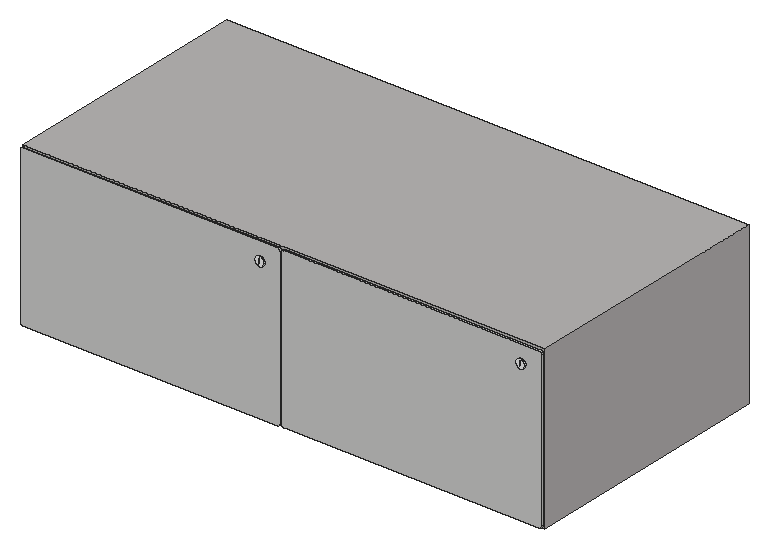
Revit family "Storage-Beam_Mounted-Teknion-JNBSF_Suspended_Credenza_Lateral_File-R2015", category Furniture, Revit 2015
Parameters (values of type "Metal Front")
  Width [instance] = 48.000"
  Warranty = "http://www.teknion.com/ca/papers/legal-canada"
  Unit Weight URL = "http://www.teknion.com/ca/tools/assets#&asset=bee6a381-b954-425e-8283-5a2de3a804f2,f828d448-4b62-4231-9e5f-9a8991c0ed77"
  URL = "www.teknion.com"
  Two Drawers Offset [instance] = if(Width > 36.000", 2.000", 0.100")  # 2.000"
  Two Door [instance] = Width > 40.000"  # yes
  Sustainability Data = "http://www.teknion.com/ca/tools/assets#&topic=216f99a5-57a0-44fc-b10a-9dee9b29ae4c&asset=444deb64-fe58-4b68-981e-f75e97781df7"
  Single-Sided [instance] = no
  Shared Leg_None/Full Leg [instance] = no
  Series = "Cityline"  # constant formula
  Second Lock Visibility [instance] = Width > 36.000"  # yes
  Product Page URL = "https://www.teknion.com/ca/products/product-details?productlineid=9ad2a26e-8e7a-673b-a6c8-ff05004460c4"
  Product Line = "Cityline"  # constant formula
  Product Documentation Link = "https://www.teknion.com/pricing/expansion-cityline/pdfs/JNBSF_ppg.pdf"
  Part Number = "JNBSF"  # constant formula
  One Door [instance] = Width < 40.000"  # no
  None/Shared Leg [instance] = no
  None Leg [instance] = no
  Model = "JNBSFMA14_"
  Metal-Cutout Offset = 2.000"
  Metal-Cutout Middle Offset [instance] = if(and(Width > 36.000", [Metal-Cutout Offset] = 2.000"), 2.000", 0.100")  # 2.000"
  Manufacturer Phone = "416-661-3370"  # constant formula
  Manufacturer Fax = "416.661.4586"  # constant formula
  Manufacturer Contact Information = "http://www.teknion.com/ca/contactus"
  Manufacturer Address = "1150 Flint Road, Toronto, ON. M3J 2J5. Canada"  # constant formula
  Manufacturer = "Teknion"  # constant formula
  Height = 24.125"
  Full/Shared Legs [instance] = yes
  Full Legs [instance] = not(or([Full/Shared Legs], [Shared Leg_None/Full Leg], [None/Shared Leg], None Leg))  # no
  Front Finish = Paint - Teknion - Foundation - Crisp Grey
  Double-Sided [instance] = not([Single-Sided])  # yes
  Description = "Suspended Credenza – Lateral File, Metal Front, Angled Structural Leg, 14\" Case Height"
  Depth [instance] = 24.000"
  Case Front Thickness = 0.118"
  Case Finish [instance] = Laminate - Teknion - 2T -Crisp Grey
  Available Widths [instance] = "24, 30, 36, 42, 48 Inches"  # constant formula
  Available Width Reductions [instance] = "Select one of the following Width Reductions."  # constant formula
  Available Depth [instance] = "18 and 24 Inches"  # constant formula
  Available Beam Configuration [instance] = "Select one of the following Beam Configuration."  # constant formula
  Assembly Code = "E2020200"
  Actual Width [instance] = if(Full Legs, Width - 3.000", if([Full/Shared Legs], Width - 2.250", if([Shared Leg_None/Full Leg], Width - 1.500", if([None/Shared Leg], Width - 0.750", Width))))  # 45.750"
  Actual Depth [instance] = if([Double-Sided], Depth - 1.693", Depth - 3.386")  # 22.307"
Types (3): name | None Leg | Model | Metal-Cutout Offset | Metal-Cutout Middle Offset | Full/Shared Legs | Front Finish | Description | Case Front Thickness | Actual Width
  (no name) | no | "JNBSFMA14_" | 2.000" | 2.000" | yes | Paint - Teknion - Foundation - Crisp Grey | "Suspended Credenza – Lateral File, Metal Front, Angled Structural Leg, 14\" Case Height" | 0.118" | 45.750"
  Metal Front | no | "JNBSFMA14_" | 2.000" | 2.000" | yes | Paint - Teknion - Foundation - Crisp Grey | "Suspended Credenza – Lateral File, Metal Front, Angled Structural Leg, 14\" Case Height" | 0.118" | 45.750"
  Solid Front | yes | "JNBSFSA14_" | 0.100" | 0.100" | no | Laminate - Teknion - 2T -Crisp Grey | "Suspended Credenza – Lateral File, Solid Front, Angled Structural Leg, 14\" Case Height" | 0.703" | 48.000"
Reference planes (in)
  plane 1 "Center Front/Back": y = 0
  plane 2: z = 0
  plane 3 "Center Left/Right": x = 0
  plane 4 "Left": x = -22.875
  plane 5 "Right": x = 22.875
  plane 6 "Back": y = 11.1535
  plane 7 "Front": y = -11.1535
  plane 8 "Top": z = 24.125
  plane 9: z = 10
  plane 10: y = -11.3505
  plane 11: y = -11.4685
  plane 12: z = 24.066
  plane 13: z = 10.118
  plane 14: y = -13.1535
  plane 15: y = -11.1535
  plane 16: y = -11.1535
  plane 17: y = -11.1535
  plane 18: x = 21.04429
  plane 19: z = 22.4911
  plane 20: y = -11.5275
  plane 21: x = -1.83071
Forms (in)
  Extrusion 1, solid, material "Laminate - Teknion - 2T -Crisp Grey" <- "Case Finish"
    sketch origin (0, 0, 0) x (1, 0, 0) y (0, 1, 0)
      loop
        line (-22.875, 11.1535) -> (-22.875, -11.1535) -> (22.875, -11.1535) -> (22.875, 11.1535) -> (-22.875, 11.1535)
    from 10 to 24.125
  Extrusion 2, solid, material "Paint - Teknion - Foundation - Crisp Grey" <- "Front Finish"
    sketch origin (0, 0, 0) x (1, 0, 0) y (0, 1, 0)
      loop
        line (-22.875, -11.3505) -> (-22.875, -11.4685) -> (22.875, -11.4685) -> (22.875, -11.3505) -> (-22.875, -11.3505)
    from 10.118 to 24.066
  Extrusion 3, void
    sketch origin (0, 0, 0) x (1, 0, 0) y (0, 0, 1)
      loop
        arc (-22.875, 23.816) -> (-22.80178, 23.99278) -> (-22.625, 24.066) r 0.25
        line (-22.625, 24.066) -> (-22.875, 24.066) -> (-22.875, 23.816)
      loop
        arc (22.625, 24.066) -> (22.80178, 23.99278) -> (22.875, 23.816) r 0.25
        line (22.875, 23.816) -> (22.875, 24.066) -> (22.625, 24.066)
      loop
        line (-22.875, 10.368) -> (-22.875, 10.118) -> (-22.625, 10.118)
        arc (-22.625, 10.118) -> (-22.80178, 10.19122) -> (-22.875, 10.368) r 0.25
      loop
        arc (22.875, 10.368) -> (22.80178, 10.19122) -> (22.625, 10.118) r 0.25
        line (22.625, 10.118) -> (22.875, 10.118) -> (22.875, 10.368)
    from 11.1535 to 13.1535
  Extrusion 4, void
    sketch origin (0, 0, 0) x (1, 0, 0) y (0, 0, 1)
      loop
        line (-0.059, 24.066) -> (-0.059, 10.118) -> (0.059, 10.118) -> (0.059, 24.066) -> (-0.059, 24.066)
    from 11.1535 to 13.1535
  Extrusion 5, void
    sketch origin (0, 0, 0) x (1, 0, 0) y (0, 0, 1)
      loop
        arc (0.059, 23.816) -> (0.13222, 23.99278) -> (0.309, 24.066) r 0.25
        line (0.309, 24.066) -> (0.059, 24.066) -> (0.059, 23.816)
      loop
        line (0.059, 10.368) -> (0.059, 10.118) -> (0.309, 10.118)
        arc (0.309, 10.118) -> (0.13222, 10.19122) -> (0.059, 10.368) r 0.25
      loop
        line (-0.059, 23.816) -> (-0.059, 24.066) -> (-0.309, 24.066)
        arc (-0.309, 24.066) -> (-0.13222, 23.99278) -> (-0.059, 23.816) r 0.25
      loop
        arc (-0.059, 10.368) -> (-0.13222, 10.19122) -> (-0.309, 10.118) r 0.25
        line (-0.309, 10.118) -> (-0.059, 10.118) -> (-0.059, 10.368)
    from 11.1535 to 13.1535
  Extrusion 6, solid, material "Metal - Teknion - C6 - Chrome"
    sketch origin (0, 0, 0) x (1, 0, 0) y (0, 0, 1)
      loop
        circle (21.04429, 22.4911) r 0.39474
      loop
        line (20.99507, 22.67811) -> (20.99507, 22.30409) -> (21.0935, 22.30409) -> (21.0935, 22.67811) -> (20.99507, 22.67811)
    from 11.4685 to 11.5275
  Extrusion 7, solid, material "Metal - Teknion - C6 - Chrome", visible <- "Second Lock Visibility"
    sketch origin (-10.875, 0, 0) x (1, 0, 0) y (0, 0, 1)
      loop
        circle (9.04429, 22.4911) r 0.39474
      loop
        line (8.99507, 22.67811) -> (8.99507, 22.30409) -> (9.0935, 22.30409) -> (9.0935, 22.67811) -> (8.99507, 22.67811)
    from 11.4685 to 11.5275
Cuts and joins
  Extrusion 3, Extrusion 4, Extrusion 5 cuts Extrusion 1
  Extrusion 3, Extrusion 4, Extrusion 5 cuts Extrusion 2
Lines and regions (in)
  Masking region 1
    outline origin (0, 0, 0) x (1, 0, 0) y (0, 1, 0)
      loop
        line (-22.875, 11.1535) -> (-22.875, -11.1535) -> (22.875, -11.1535) -> (22.875, 11.1535) -> (-22.875, 11.1535)
  Masking region 2, visible <- "One Door"
    outline origin (0, 0, 0) x (1, 0, 0) y (0, 1, 0)
      loop
        line (-22.875, -11.3505) -> (-22.875, -11.4685) -> (22.875, -11.4685) -> (22.875, -11.3505) -> (-22.875, -11.3505)
  Masking region 3, visible <- "Two Door"
    outline origin (0, 0, 0) x (1, 0, 0) y (0, 1, 0)
      loop
        line (-22.875, -11.3505) -> (-22.875, -11.4685) -> (-0.05977, -11.4685) -> (-0.05977, -11.3505) -> (-22.875, -11.3505)
      loop
        line (0.06, -11.3505) -> (0.06, -11.4685) -> (22.875, -11.4685) -> (22.875, -11.3505) -> (0.06, -11.3505)
  Masking region 4
    outline origin (0, 0, 0) x (1, 0, 0) y (0, 1, 0)
      loop
        line (20.64954, -11.4685) -> (20.64954, -11.5275) -> (21.43903, -11.5275) -> (21.43903, -11.4685) -> (20.64954, -11.4685)
  Masking region 5, visible <- "Second Lock Visibility"
    outline origin (0, 0, 0) x (1, 0, 0) y (0, 1, 0)
      loop
        line (-2.22546, -11.5275) -> (-1.43597, -11.5275) -> (-1.43597, -11.4685) -> (-2.22546, -11.4685) -> (-2.22546, -11.5275)
  reference lines
    curve 1: line (-22.875, 11.1535, 0) -> (-22.875, -11.4685, 0)
    curve 2: line (-22.875, 11.1535, 0) -> (22.875, 11.1535, 0)
    curve 3: line (22.875, 11.1535, 0) -> (22.875, -11.4685, 0)
    curve 4: line (-22.875, -11.4685, 0) -> (22.875, -11.4685, 0)
Dimensions and locks (in)
  "Actual Width": plane 4 "Left" to plane 5 "Right"
  "Actual Depth": plane 6 "Back" to plane 7 "Front"
  "Height": plane 8 "Top" to level
  locked: plane 8 "Top" to plane 9 at 14.125
  equal spacing: plane 4 "Left", plane 3 "Center Left/Right", plane 5 "Right"
  equal spacing: plane 6 "Back", plane 1 "Center Front/Back", plane 7 "Front"
  "Case Front Thickness": plane 11 to plane 10
  locked: plane 8 "Top" to plane 12 at 0.059
  locked: plane 13 to plane 9 at 0.118
  locked: plane 14 to plane 7 "Front" at 2
  "Metal-Cutout Offset": plane 15 to plane 14
  locked: Extrusion 3 sketch curve to plane 5 "Right" at 0.25  (x2)
  locked: Extrusion 3 sketch curve to plane 13 at 0.25  (x2)
  locked: plane 12 to Extrusion 3 sketch curve at 0.25  (x2)
  locked: Extrusion 3 sketch curve to plane 4 "Left" at 0.25  (x2)
  locked: Extrusion 3 sketch curve to Extrusion 3 sketch curve at 0.25  (x4)
  locked: Extrusion 4 sketch curve to Extrusion 4 sketch curve at 0.118
  equal spacing: Extrusion 4 sketch curve, plane 3 "Center Left/Right", Extrusion 4 sketch curve
  "Two Drawers Offset": plane 16 to plane 14
  locked: plane 12 to Extrusion 5 sketch curve at 0.25  (x2)
  locked: Extrusion 5 sketch curve to plane 13 at 0.25  (x2)
  locked: Extrusion 5 sketch curve to Extrusion 5 sketch curve at 0.25  (x4)
  Extrusion 5 sketch curve to Extrusion 5 sketch curve to plane 3 "Center Left/Right" to Extrusion 5 sketch curve to Extrusion 5 sketch curve = 0.250" locked, 0.059" locked, 0.059" locked, 0.250" locked  (x2)
  "Metal-Cutout Middle Offset": plane 17 to plane 14
  locked: plane 10 to plane 7 "Front" at 0.197
  locked: Extrusion 6 sketch curve to Extrusion 6 sketch curve at 0.78949
  locked: Extrusion 6 sketch curve to plane 19 at 0
  locked: Extrusion 6 sketch curve to plane 18 at 0
  locked: plane 8 "Top" to plane 19 at 1.6339
  locked: plane 18 to plane 5 "Right" at 1.83071
  locked: plane 11 to plane 20 at 0.059
  locked: Extrusion 7 sketch curve to plane 21 at 0
  locked: plane 3 "Center Left/Right" to plane 21 at 1.83071
  Extrusion 6 sketch curve to plane 19 to Extrusion 6 sketch curve = 0.18701" locked, 0.18701" locked
  Extrusion 6 sketch curve to plane 18 to Extrusion 6 sketch curve = 0.04921" locked, 0.04921" locked
  Extrusion 7 sketch curve to plane 21 to Extrusion 7 sketch curve = 0.04921" locked, 0.04921" locked
  Extrusion 7 sketch curve to plane 19 to Extrusion 7 sketch curve = 0.18701" locked, 0.18701" locked
  Masking region 3 sketch curve to plane 3 "Center Left/Right" to Masking region 3 sketch curve = 0.05977" locked, 0.060" locked
  Masking region 4 sketch curve to plane 18 to Masking region 4 sketch curve = 0.39474" locked, 0.39474" locked
  Masking region 5 sketch curve to plane 21 to Masking region 5 sketch curve = 0.39474" locked, 0.39474" locked
  aligned and locked: level to plane 2
  aligned and locked: Extrusion 1 sketch curve to plane 6 "Back"
  aligned and locked: plane 4 "Left" to Extrusion 1 sketch curve
  aligned and locked: Extrusion 1 sketch curve to plane 7 "Front"
  aligned and locked: plane 5 "Right" to Extrusion 1 sketch curve
  aligned and locked: plane 8 "Top" to Extrusion 1
  aligned and locked: Extrusion 1 to plane 9
  aligned and locked: Extrusion 2 sketch curve to plane 10
  aligned and locked: Extrusion 2 sketch curve to plane 4 "Left"
  aligned and locked: plane 11 to Extrusion 2 sketch curve
  aligned and locked: plane 5 "Right" to Extrusion 2 sketch curve
  aligned and locked: plane 12 to Extrusion 2
  aligned and locked: Extrusion 2 to plane 13
  aligned and locked: Extrusion 3 sketch curve to plane 12
  aligned and locked: plane 5 "Right" to Extrusion 3 sketch curve  (x2)
  aligned and locked: plane 12 to Extrusion 3 sketch curve
  aligned and locked: plane 4 "Left" to Extrusion 3 sketch curve
  aligned and locked: Extrusion 3 sketch curve to plane 4 "Left"
  aligned and locked: plane 13 to Extrusion 3 sketch curve
  aligned and locked: Extrusion 3 sketch curve to plane 13
  aligned and locked: plane 15 to Extrusion 3
  aligned and locked: Extrusion 3 to plane 14
  aligned and locked: Extrusion 4 sketch curve to plane 12
  aligned and locked: plane 13 to Extrusion 4 sketch curve
  aligned and locked: Extrusion 4 to plane 14
  aligned and locked: plane 16 to Extrusion 4
  aligned and locked: plane 12 to Extrusion 5 sketch curve
  aligned and locked: plane 13 to Extrusion 5 sketch curve
  aligned and locked: Extrusion 5 sketch curve to plane 12
  aligned and locked: Extrusion 5 sketch curve to plane 13
  aligned and locked: Extrusion 5 to plane 14
  aligned and locked: plane 17 to Extrusion 5
  aligned and locked: plane 20 to Extrusion 6
  aligned and locked: plane 11 to Extrusion 6
  aligned and locked: plane 11 to Extrusion 7
  aligned and locked: plane 20 to Extrusion 7
  aligned and locked: Masking region 1 sketch curve to plane 6 "Back"
  aligned and locked: plane 4 "Left" to Masking region 1 sketch curve
  aligned and locked: Masking region 1 sketch curve to plane 5 "Right"
  aligned and locked: Masking region 1 sketch curve to plane 7 "Front"
  aligned and locked: Masking region 2 sketch curve to plane 10
  aligned and locked: Masking region 2 sketch curve to plane 4 "Left"
  aligned and locked: plane 5 "Right" to Masking region 2 sketch curve
  aligned and locked: plane 11 to Masking region 2 sketch curve
  aligned and locked: Masking region 3 sketch curve to plane 10  (x2)
  aligned and locked: plane 11 to Masking region 3 sketch curve  (x2)
  aligned and locked: plane 5 "Right" to Masking region 3 sketch curve
  aligned and locked: Masking region 3 sketch curve to plane 4 "Left"
  aligned and locked: Masking region 4 sketch curve to plane 11
  aligned and locked: Masking region 4 sketch curve to plane 20
  aligned and locked: curve 1 to plane 4 "Left"
  aligned and locked: curve 2 to plane 6 "Back"
  aligned and locked: curve 3 to plane 5 "Right"
  aligned and locked: curve 4 to plane 11
Automatic sketch dimensions
  Extrusion 7 sketch curve to plane 19 = 0.000"
  plane 20 to Masking region 5 sketch curve = 0.000"
  Masking region 5 sketch curve to plane 11 = 0.000"
  radius of Extrusion 6 sketch curve = 0.39474"
  radius of Extrusion 7 sketch curve = 0.39474"
